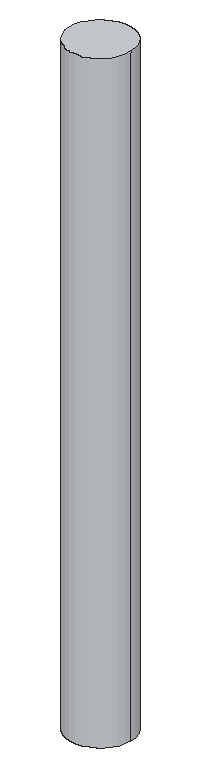
Revit family "Round Column", category 기둥, Revit 2026
Family settings
  로드될 때 보이드를 사용하여 절단 = 아니오
  자동으로 형상을 벽에 결합합니다 = 예
  공유 = 아니오
  평면도에서 미리 절단된 패밀리 표시 = 예
Parameters (values of type "12" Diameter")
  조합 코드 = "B1010200"
  Diameter = 1' - 0"
  Material = none
  Offset Base = 0' - 0"
  Offset Top = 0' - 0"
Types (4): name | Diameter
  (no name) | 1' - 0"
  06" Diameter | 0' - 6"
  12" Diameter | 1' - 0"
  24" Diameter | 2' - 0"
Reference planes (in)
  plane 1: y = 0
  plane 2: z = 0
  plane 3: x = 0
  plane 4: x = -6
  plane 5: x = 6
  plane 6: y = 6
  plane 7: y = -6
  plane 8: z = 120
  plane 9: z = 0
Forms (in)
  Extrusion 1, solid, material <- "Material"
    sketch origin (0, 0, 0) x (1, 0, 0) y (0, 1, 0)
      loop
        arc (-6, 0) -> (0, -6) -> (6, 0) r 6
        arc (6, 0) -> (4.24264, 4.24264) -> (0, 6) r 6
        arc (0, 6) -> (-4.24264, 4.24264) -> (-6, 0) r 6
    from 0 to 120
Dimensions and locks (in)
  equal spacing: plane 4, plane 3, plane 5
  "Diameter": plane 4 to plane 5
  equal spacing: plane 6, plane 1, plane 7
  "Diameter": plane 7 to plane 6
  "Offset Base": plane 9 to level
  "Offset Top": level to plane 8
  aligned and locked: Extrusion 1 to plane 9
  aligned and locked: plane 8 to Extrusion 1
Automatic sketch dimensions
  Extrusion 1 sketch curve to plane 1 = 0' - 0"  (x2)
  Extrusion 1 sketch curve to plane 4 = 0' - 0"  (x2)
  Extrusion 1 sketch curve to plane 3 = 0' - 0"
